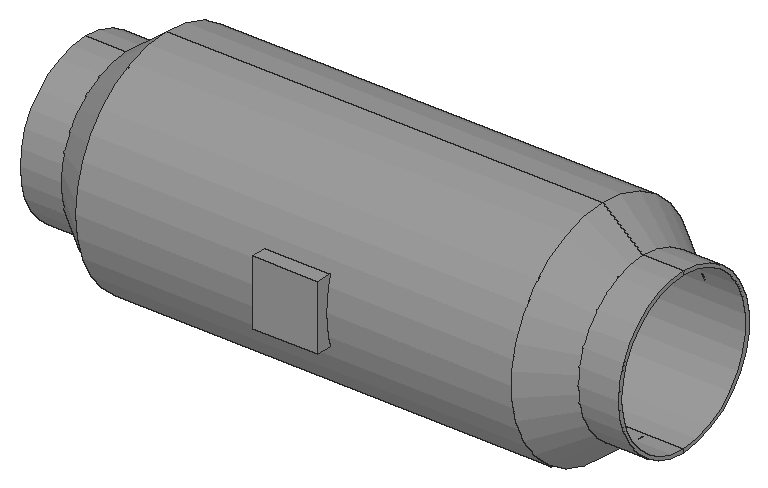
Revit family "BIMLIB_ПриточнаяУстановка_AirTube_SHUFT", category Оборудование, Revit 2017
Family settings
  Размер круглого соединителя = Использовать диаметр
  Тип детали = Нормальный
  На основе рабочей плоскости = Нет
  Всегда вертикально = Да
  При загрузке вырезать с полостями = Нет
  Общий = Нет
  Точка расчета площади = Нет
Parameters (values of type "Airtube 250")
  Повернуть УГО [instance] = yes
  Описание = "Приточная установка AIRTUBE выпускается в компактом круглом корпусе представляет собой упрощенную версию приточной установки ECO.\r\nОна предназначена для создания простой системы вентиляции квартир, офисов и загородных домов, где не требуется зональная VAV-система вентиляции, увлажнение воздуха и удаленное управление приточной установкой.\r\nУстановка имеет компактные габариты, встроенный фильтр и электрический нагреватель. Приточная установка полностью укомплектована и готова к монтажу"  # constant formula
  Изготовитель = "ООО «Завод ВКО» марка SHUFT"  # constant formula
  Высота коннекторов = ADSK_Размер_Высота / 2  # 175 mm
  Watermark [instance] = "Модели защищены уникальным кодом"
  URL = "http://www.shuft.ru/"
  SH_Мощность вентилятора = 210 W
  D/2 = D / 2  # 125 mm
  D = 250 mm
  BL_Разработано = "support@bimlib.pro"  # constant formula
  BL_Email = "bimmodels@rusklimat.ru"  # constant formula
  BL_BIM library = "https://bimlib.pro/manufacturer/company/23829"
  ADSK_Расход воздуха приточный [instance] = 0.0 L/s
  ADSK_Размер_Ширина = 380 mm
  ADSK_Размер_Длина = 920 mm
  ADSK_Размер_Высота = 350 mm
  ADSK_Примечание [instance] = ""
  ADSK_Полная мощность = ADSK_Номинальная мощность / ADSK_Коэффициент мощности  # 12000 VA
  ADSK_Позиция = ""
  ADSK_Обозначение = ""
  ADSK_Номинальная мощность = 12000 W
  ADSK_Напряжение = 400 V
  ADSK_Наименование = "Приточная вентиляционная установка Airtube 250"
  ADSK_Материал = BIMLIB_Сталь_SHUFT
  ADSK_Масса_Текст = "13.8"
  ADSK_Масса = 13.8
  ADSK_Марка = ADSK_Код изделия  # "Airtube 250"
  ADSK_Коэффициент мощности = 1
  ADSK_Количество фаз = 3
  ADSK_Код изделия = "Airtube 250"
  ADSK_Классификация нагрузок = Прочее
  ADSK_Завод-изготовитель = Изготовитель  # "ООО «Завод ВКО» марка SHUFT"
  ADSK_Единица измерения = "шт."  # constant formula
  ADSK_Версия семейства = "v.1"  # constant formula
  ADSK_Версия Revit = "2017"  # constant formula
  ADSK_URL страницы изделия = "http://www.shuft.ru/catalog/2/205/3033/100800/1947100/"
  ADSK_URL документации изделия = "http://www.shuft.ru/upload/downloads/passport-AirTube.pdf"
Types (7, lengths in mm): name | Высота коннекторов | SH_Мощность вентилятора | D/2 | D | ADSK_Размер_Ширина | ADSK_Размер_Длина | ADSK_Размер_Высота | ADSK_Полная мощность | ADSK_Номинальная мощность | ADSK_Напряжение | ADSK_Наименование | ADSK_Масса_Текст | ADSK_Масса | ADSK_Марка | ADSK_Количество фаз | ADSK_Код изделия
  (no name) | 175 | 210 W | 125 | 250 | 380 | 920 | 350 | 12000 VA | 12000 W | 400 V | "Приточная вентиляционная установка Airtube 250" | "13.8" | 13.8 | "Airtube 250" | 3 | "Airtube 250"
  Airtube 100 | 125 | 70 W | 50 | 100 | 280 | 860 | 250 | 2400 VA | 2400 W | 230 V | "Приточная вентиляционная установка Airtube 100" | "8.7" | 8.7 | "Airtube 100" | 1 | "Airtube 100"
  Airtube 125 | 125 | 70 W | 62.5 | 125 | 280 | 880 | 250 | 5000 VA | 5000 W | 400 V | "Приточная вентиляционная установка Airtube 125" | "10" | 10 | "Airtube 125" | 2 | "Airtube 125"
  Airtube 160 | 175 | 100 W | 80 | 160 | 380 | 890 | 350 | 6000 VA | 6000 W | 400 V | "Приточная вентиляционная установка Airtube 160" | "16.5" | 16.5 | "Airtube 160" | 2 | "Airtube 160"
  Airtube 200 | 175 | 120 W | 100 | 200 | 380 | 920 | 350 | 9000 VA | 9000 W | 400 V | "Приточная вентиляционная установка Airtube 200" | "17.9" | 17.9 | "Airtube 200" | 3 | "Airtube 200"
  Airtube 250 | 175 | 210 W | 125 | 250 | 380 | 920 | 350 | 12000 VA | 12000 W | 400 V | "Приточная вентиляционная установка Airtube 250" | "13.8" | 13.8 | "Airtube 250" | 3 | "Airtube 250"
  Airtube 315 | 205 | 210 W | 157.5 | 315 | 440 | 940 | 410 | 12000 VA | 12000 W | 400 V | "Приточная вентиляционная установка Airtube 315" | "21.4" | 21.4 | "Airtube 315" | 3 | "Airtube 315"
Reference planes
  plane 1 "По центру (Вперед/Назад)": y = 0
  plane 2: z = 0
  plane 3 "По центру (Влево/Вправо)": x = 0
  plane 4 "Перед": y = -190
  plane 5 "Зад": y = 190
  plane 6: z = 350
  plane 7 "Лево корпус": x = -460
  plane 8 "Право корпус": x = 460
  plane 9 "коннекторы": z = 175
  plane 10: z = 300
  plane 11: z = 50
  plane 12: x = -335
  plane 13: x = 335
  plane 14: x = -397.5
  plane 15: x = 397.5
  plane 16: z = 295
  plane 17: z = 55
  plane 18: x = -50
  plane 19: x = 50
  plane 20: y = -125
  plane 21: y = 125
  plane 22: z = 225
  plane 23: z = 125
Forms (mm)
  Revolve 1, solid, material "BIMLIB_Сталь_SHUFT", detail levels medium+fine
    sketch origin (0, 0, 0) x (1, 0, 0) y (0, 0, 1)
      loop
        line (-460, 300) -> (-460, 295) -> (460, 295) -> (460, 300) -> (397.5, 300) -> (335, 350) -> (-335, 350) -> (-397.5, 300) -> (-460, 300)
      axis (-460, 175) -> (460, 175)
    angle from 0 to 360
  Extrusion 2, solid, material "BIMLIB_Сталь_SHUFT", detail levels medium+fine
    sketch origin (0, 0, 0) x (1, 0, 0) y (0, 0, 1)
      loop
        line (-50, 225) -> (-50, 125) -> (50, 125) -> (50, 225) -> (-50, 225)
    from 125 to 190
Cuts and joins
  joined: Revolve 1, Extrusion 2
Dimensions and locks
  equal spacing: plane 4 "Перед", plane 1 "По центру (Вперед/Назад)", plane 5 "Зад"
  "ADSK_Размер_Высота": plane 6 to level
  "ADSK_Размер_Ширина": plane 4 "Перед" to plane 5 "Зад"
  "Высота коннекторов": plane 9 "коннекторы" to level
  "ADSK_Размер_Длина": plane 7 "Лево корпус" to plane 8 "Право корпус"
  equal spacing: plane 7 "Лево корпус", plane 3 "По центру (Влево/Вправо)", plane 8 "Право корпус"
  equal spacing: plane 10, plane 9 "коннекторы", plane 11
  "D": plane 10 to plane 11
  "D/2": plane 12 to plane 7 "Лево корпус"
  "D/2": plane 8 "Право корпус" to plane 13
  equal spacing: plane 12, plane 14, plane 7 "Лево корпус"
  equal spacing: plane 8 "Право корпус", plane 15, plane 13
  plane 11 to level = 50 mm
  plane 6 to plane 10 = 50 mm
  locked: plane 10 to plane 16 at 5
  locked: plane 17 to plane 11 at 5
  equal spacing: plane 21, plane 1 "По центру (Вперед/Назад)", plane 20
  "D": plane 21 to plane 20
  plane 22 to plane 9 "коннекторы" to plane 23 = 50 mm locked, 50 mm locked
  aligned and locked: level to plane 2
  aligned and locked: plane 1 "По центру (Вперед/Назад)" to nested 1
  aligned and locked: plane 3 "По центру (Влево/Вправо)" to nested 1
  aligned and locked: Revolve 1 sketch curve to plane 9 "коннекторы"
  aligned and locked: Revolve 1 sketch curve to plane 6
  aligned and locked: plane 8 "Право корпус" to Revolve 1 sketch curve
  aligned and locked: Revolve 1 sketch curve to plane 7 "Лево корпус"
  aligned and locked: Revolve 1 sketch curve to plane 10  (x2)
  aligned and locked: Extrusion 2 sketch curve to plane 19
  aligned and locked: Extrusion 2 sketch curve to plane 18
  aligned and locked: Extrusion 2 to plane 4 "Перед"
  aligned and locked: plane 20 to Extrusion 2
  aligned and locked: plane 22 to Extrusion 2
  aligned and locked: Extrusion 2 to plane 23
Automatic sketch dimensions
  Revolve 1 sketch curve to plane 14 = 0 mm
  Revolve 1 sketch curve to plane 12 = 0 mm
  Revolve 1 sketch curve to plane 13 = 0 mm
  Revolve 1 sketch curve to plane 15 = 0 mm
  Revolve 1 sketch curve to plane 16 = 0 mm
  Revolve 1 sketch curve to Revolve 1 sketch curve = 709.579 mm
  Revolve 1 sketch curve to Revolve 1 sketch curve = 839.276 mm
  plane 17 to Extrusion 2 sketch curve = 70 mm
  Extrusion 2 sketch curve to plane 16 = 70 mm
Nested families
  nested 1: "BIMLIB_УГО_SHUFT" at (0, 0, 0), Высота УГО 3д План <- "Высота коннекторов", Высота <- "ADSK_Размер_Высота", Длина <- "ADSK_Размер_Длина", Ширина <- "ADSK_Размер_Ширина", УГО сверху <- "Повернуть УГО", type "BIMLIB_УГО_SHUFT", detail levels coarse
    with Ширина/4 95 mm, Ширина 380 mm, УГО спереди no, УГО сверху yes, Длина 920 mm, Высота/4 87.5 mm, Высота УГО 3д План 175 mm, Высота 350 mm
Connectors
  hvac at (-460, 0, 175), driven by "D", driven by "ADSK_Расход воздуха приточный"
    settings: on cut or joined group of Revolve 1, Extrusion 2, index 1, duct flow 0.0 L/s, flow factor 0, pres drop 0.0 Pa, loss coef 0, conn angle 0.00°, conn width 304.8 mm, conn height 304.8 mm, conn diameter 250 mm, duct sys type 1, conn prof type 0, flow config 0, flow direction 1, loss method 0, conn ref index 2, conn util no, is conn primary yes, conn desc "Наружный воздух"
  hvac at (460, 0, 175), driven by "D", driven by "ADSK_Расход воздуха приточный"
    settings: on cut or joined group of Revolve 1, Extrusion 2, index 2, duct flow 0.0 L/s, flow factor 0, pres drop 0.0 Pa, loss coef 0, conn angle 0.00°, conn width 304.8 mm, conn height 304.8 mm, conn diameter 250 mm, duct sys type 1, conn prof type 0, flow config 0, flow direction 2, loss method 0, conn ref index 1, conn util no, is conn primary no, conn desc "Приточный воздух"
  electrical at (0, -190, 175), driven by "ADSK_Количество фаз", driven by "ADSK_Классификация нагрузок", driven by "ADSK_Напряжение", driven by "ADSK_Полная мощность", driven by "ADSK_Коэффициент мощности"
    settings: on cut or joined group of Revolve 1, Extrusion 2, index 3, voltage 400 V, apparent load 12000 VA, apparent load phase1 0 VA, apparent load phase2 0 VA, apparent load phase3 0 VA, power factor 1, load classification "Прочее", number of poles 3, system type 30, power factor state 1, is connector primary yes, connector utility no, sub classification motor no, connector description "Электрический соединитель"
Definition of nested family "BIMLIB_УГО_SHUFT"
  Parameters (values of type "BIMLIB_УГО_SHUFT")
    Ширина/4 [instance] = Ширина / 4  # 105 mm
    Ширина [instance] = 420 mm
    УГО спереди [instance] = not(УГО сверху)  # no
    УГО сверху [instance] = yes
    Высота/4 [instance] = Высота / 4  # 63 mm
    Длина [instance] = 810 mm
    Высота УГО 3д План [instance] = 126 mm
    Высота [instance] = 252 mm
  Reference planes
    plane 1 "По центру (Вперед/Назад)": y = 0
    plane 2: z = 0
    plane 3 "По центру (Влево/Вправо)": x = 0
    plane 4: x = -405
    plane 5: x = 405
    plane 6: y = 210
    plane 7: y = -210
    plane 8: z = 126
    plane 9 "УГО 3Д": z = 252
    plane 10: x = -270
    plane 11: x = -135
    plane 12: z = 189
    plane 13: z = 63
    plane 14: x = 63
    plane 15: x = 105
    plane 16: y = 105
    plane 17: y = -105
    plane 18 "УГО": z = 126
  Lines and regions (mm)
    model lines, visible <- "УГО спереди", detail levels coarse
      curve 1: line (-405, 0, 252) -> (-405, 0, 0)
      curve 2: line (-405, 0, 0) -> (405, 0, 0)
      curve 3: line (405, 0, 0) -> (405, 0, 252)
      curve 4: line (405, 0, 252) -> (-405, 0, 252)
      curve 5: line (-270, 0, 252) -> (-270, 0, 0)
      curve 6: line (-135, 0, 252) -> (-135, 0, 0)
      curve 7: line (0, 0, 189) -> (0, 0, 63)
      curve 8: line (0, 0, 63) -> (63, 0, 126)
      curve 9: line (63, 0, 126) -> (0, 0, 189)
    model lines, visible <- "УГО сверху", detail levels coarse
      curve 10: line (-405, 210, 126) -> (-405, -210, 126)
      curve 11: line (-405, -210, 126) -> (405, -210, 126)
      curve 12: line (405, -210, 126) -> (405, 210, 126)
      curve 13: line (405, 210, 126) -> (-405, 210, 126)
      curve 14: line (-270, 210, 126) -> (-270, -210, 126)
      curve 15: line (-135, 210, 126) -> (-135, -210, 126)
      curve 16: line (0, 105, 126) -> (105, 0, 126)
      curve 17: line (105, 0, 126) -> (0, -105, 126)
      curve 18: line (0, -105, 126) -> (0, 105, 126)
    symbolic lines, detail levels coarse
      curve 19: line (-405, 0, 252) -> (-405, 0, 0)
      curve 20: line (-405, 0, 0) -> (405, 0, 0)
      curve 21: line (405, 0, 0) -> (405, 0, 252)
      curve 22: line (405, 0, 252) -> (-405, 0, 252)
      curve 23: line (-270, 0, 252) -> (-270, 0, 0)
      curve 24: line (-135, 0, 0) -> (-135, 0, 252)
      curve 25: line (0, 0, 189) -> (63, 0, 126)
      curve 26: line (63, 0, 126) -> (0, 0, 63)
      curve 27: line (0, 0, 63) -> (0, 0, 189)
      curve 28: line (-405, 210, 0) -> (-405, -210, 0)
      curve 29: line (-405, -210, 0) -> (405, -210, 0)
      curve 30: line (405, -210, 0) -> (405, 210, 0)
      curve 31: line (405, 210, 0) -> (-405, 210, 0)
      curve 32: line (-270, 210, 0) -> (-270, -210, 0)
      curve 33: line (-135, -210, 0) -> (-135, 210, 0)
      curve 34: line (0, 105, 0) -> (105, 0, 0)
      curve 35: line (105, 0, 0) -> (0, -105, 0)
      curve 36: line (0, -105, 0) -> (0, 105, 0)
  Dimensions and locks
    equal spacing: plane 4, plane 3 "По центру (Влево/Вправо)", plane 5
    "Длина": plane 4 to plane 5
    "Ширина": plane 7 to plane 6
    equal spacing: plane 4, plane 10, plane 11, plane 3 "По центру (Влево/Вправо)"
    "Высота": plane 9 "УГО 3Д" to level
    equal spacing: plane 9 "УГО 3Д", plane 12, plane 8, plane 13, level
    "Высота/4": plane 14 to plane 3 "По центру (Влево/Вправо)"
    equal spacing: plane 6, plane 16, plane 1 "По центру (Вперед/Назад)", plane 17, plane 7
    "Ширина/4": plane 15 to plane 3 "По центру (Влево/Вправо)"
    "Ширина/4": plane 3 "По центру (Влево/Вправо)" to plane 15
    "Высота УГО 3д План": plane 18 "УГО" to level
    aligned and locked: level to plane 2
  Automatic sketch dimensions
    curve 12 to plane 5 = 0 mm
    plane 1 "По центру (Вперед/Назад)" to curve 16 = 0 mm
    curve 16 to plane 15 = 0 mm
    curve 18 to plane 3 "По центру (Влево/Вправо)" = 0 mm
    curve 15 to plane 11 = 0 mm
    curve 14 to plane 10 = 0 mm
    curve 11 to plane 4 = 0 mm
    curve 13 to plane 6 = 0 mm
    curve 18 to plane 16 = 0 mm
    plane 7 to curve 12 = 0 mm
    curve 1 to plane 4 = 0 mm
    curve 5 to plane 9 "УГО 3Д" = 0 mm
    curve 5 to plane 10 = 0 mm
    curve 23 to level = 0 mm
    curve 23 to plane 10 = 0 mm
    curve 6 to plane 11 = 0 mm
    curve 24 to plane 11 = 0 mm
    curve 9 to plane 3 "По центру (Влево/Вправо)" = 0 mm
    curve 8 to plane 8 = 0 mm
    curve 8 to plane 14 = 0 mm
    curve 20 to plane 5 = 0 mm
    curve 27 to plane 12 = 0 mm
    curve 28 to plane 4 = 0 mm
    curve 32 to plane 6 = 0 mm
    curve 32 to plane 10 = 0 mm
    plane 7 to curve 33 = 0 mm
    curve 33 to plane 11 = 0 mm
    curve 34 to plane 3 "По центру (Влево/Вправо)" = 0 mm
    plane 1 "По центру (Вперед/Назад)" to curve 34 = 0 mm
    curve 30 to plane 5 = 0 mm
    curve 36 to plane 17 = 0 mm
    curve 36 to plane 16 = 0 mm
